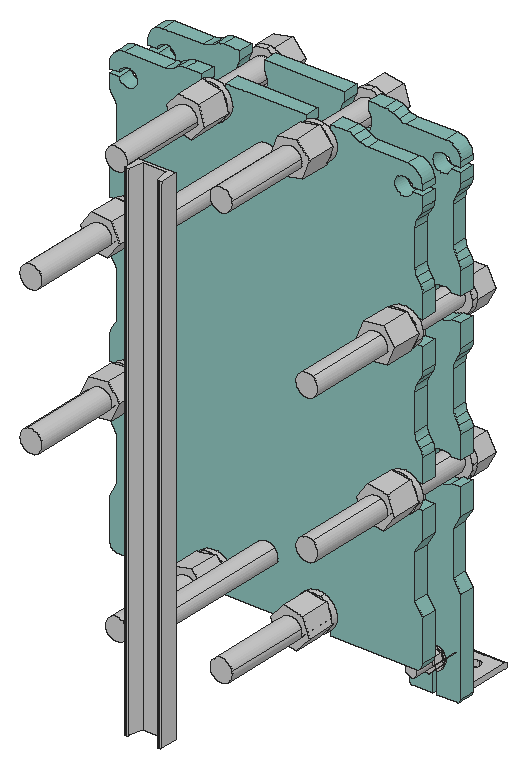
Revit family "Ekin_Endüstriyel - MIT510", category Specialty Equipment, Revit 2022
Family settings
  Round Connector Dimension = Use Diameter
  Part Type = Normal
  Work Plane-Based = No
  Always vertical = No
  Cut with Voids When Loaded = No
  Maintain Annotation Orientation = No
  Shared = No
  Room Calculation Point = No
Parameters (values of type "Flanged")
  URL = "https://en.ekinendustriyel.com/plate-heat-exchanger"
  Type Comments = ""
  Thickness_of_Plate [instance] = 0.50 mm  # constant formula
  Number_of_Plate [instance] = 10
  Model = if(Hygienic, if(Design Pressure < 11.0 bar, "H12340000F50L", if(Design Pressure < 16.0 bar, " H12340000F50M", " H12340000F50H")), if(Design Pressure < 10.0 bar, "E12340000F50L", if(Design Pressure < 16.0 bar, " E12340000F50M", " E12340000F50H")))  # "H12340000F50L"
  Material = Galvanized Steel- S235JR
  Manufacturer = "Ekin Endüstriyel"
  Lk [instance] = (Number_of_Plate) * ((Thickness_of_Plate) + 4.00 mm)  # 45.00 mm
  Lh [instance] = 690.00 mm  # constant formula
  Lf [instance] = 623.00 mm  # constant formula
  Lc [instance] = if(Number_of_Plate < 16, 250.00 mm, if(Number_of_Plate < 26, 350.00 mm, if(Number_of_Plate < 41, 500.00 mm, if(Number_of_Plate < 71, 750.00 mm, 1000.00 mm))))  # 250.00 mm
  La [instance] = 425.00 mm  # constant formula
  Keynote = ""
  Industrial [instance] = not(Hygienic)  # no
  Hygienic = yes
  Head & Follower Plate [instance] = if(Design Pressure < 11.0 bar, 20.00 mm, if(Design Pressure < 17.0 bar, 25.00 mm, 30.00 mm))  # 20.00 mm
  Follower Plate [instance] = -(Head & Follower Plate)  # -20.00 mm
  Design Pressure = 6.89476 bar
  Description = if(Design Pressure < 10.0663 bar, "MIT - Heat Exchanger - 10 bar", if(Design Pressure < 15.9958 bar, " MIT - Heat Exchanger - 16 bar", " MIT - Heat Exchanger - 25 bar"))  # "MIT - Heat Exchanger - 10 bar"
  Default Elevation = 0.00 mm
Reference planes
  plane 1 "Center (Front/Back)": y = 0
  plane 2: z = 0
  plane 3 "Center (Left/Right)": x = 0
  plane 4: x = 1160
  plane 5: x = -1000
  plane 6 "2": y = -65
  plane 7 "1": y = -20
  plane 8 "3": y = -270
  plane 9 "Bolt End": y = 18.7
  plane 10: y = -250
Forms (mm)
  Extrusion 1, solid, material "Galvanized Steel", detail levels fine
    sketch origin (4.063, 0, 0) x (1, 0, 0) y (0, 0, 1)
      loop
        circle (97.437, 570) r 30
      loop
        line (105.578, 690) -> (83.437, 690) -> (83.437, 677.99)
        arc (83.437, 677.99) -> (66.937, 644) -> (50.437, 677.99) r 21
        line (50.437, 677.99) -> (50.437, 690) -> (-58.563, 690) -> (-58.563, 677.99)
        arc (-58.563, 677.99) -> (-75.063, 644) -> (-91.563, 677.99) r 21
        line (-91.563, 677.99) -> (-91.563, 690) -> (-113.704, 690)
        arc (-113.704, 690) -> (-118.88, 689.319) -> (-123.704, 687.321) r 20
        line (-123.704, 687.321) -> (-131.743, 682.679)
        arc (-131.743, 682.679) -> (-136.566, 680.681) -> (-141.743, 680) r 20
        line (-141.743, 680) -> (-196.563, 680)
        arc (-196.563, 680) -> (-210.705, 674.142) -> (-216.563, 660) r 20
        line (-216.563, 660) -> (-216.563, 653) -> (-203.698, 653)
        arc (-203.698, 653) -> (-179.063, 650) -> (-203.698, 647) r 12.5
        line (-203.698, 647) -> (-216.563, 647) -> (-216.563, 632.679)
        arc (-216.563, 632.679) -> (-215.882, 627.503) -> (-213.884, 622.679) r 20
        line (-213.884, 622.679) -> (-209.243, 614.641)
        arc (-209.243, 614.641) -> (-207.245, 609.817) -> (-206.563, 604.641) r 20
        line (-206.563, 604.641) -> (-206.563, 555.359)
        arc (-206.563, 555.359) -> (-207.245, 550.183) -> (-209.243, 545.359) r 20
        line (-209.243, 545.359) -> (-213.884, 537.321)
        arc (-213.884, 537.321) -> (-215.882, 532.497) -> (-216.563, 527.321) r 20
        line (-216.563, 527.321) -> (-216.563, 496.5) -> (-204.553, 496.5)
        arc (-204.553, 496.5) -> (-170.563, 480) -> (-204.553, 463.5) r 21
        line (-204.553, 463.5) -> (-216.563, 463.5) -> (-216.563, 432.679)
        arc (-216.563, 432.679) -> (-215.882, 427.503) -> (-213.884, 422.679) r 20
        line (-213.884, 422.679) -> (-209.243, 414.641)
        arc (-209.243, 414.641) -> (-207.245, 409.817) -> (-206.563, 404.641) r 20
        line (-206.563, 404.641) -> (-206.563, 355.359)
        arc (-206.563, 355.359) -> (-207.245, 350.183) -> (-209.243, 345.359) r 20
        line (-209.243, 345.359) -> (-213.884, 337.321)
        arc (-213.884, 337.321) -> (-215.882, 332.497) -> (-216.563, 327.321) r 20
        line (-216.563, 327.321) -> (-216.563, 296.5) -> (-204.553, 296.5)
        arc (-204.553, 296.5) -> (-170.563, 280) -> (-204.553, 263.5) r 21
        line (-204.553, 263.5) -> (-216.563, 263.5) -> (-216.563, 227.321) -> (-206.563, 210) -> (-206.563, 150) -> (-216.563, 132.679) -> (-216.563, 5)
        arc (-216.563, 5) -> (-215.099, 1.464) -> (-211.563, 0) r 5
        line (-211.563, 0) -> (-184.563, 0) -> (-184.563, 34.938)
        arc (-184.563, 34.938) -> (-181.563, 55.5) -> (-178.563, 34.938) r 10.5
        line (-178.563, 34.938) -> (-178.563, 0) -> (-151.563, 0)
        arc (-151.563, 0) -> (-148.027, 1.464) -> (-146.563, 5) r 5
        line (-146.563, 5) -> (-146.563, 25.716)
        arc (-146.563, 25.716) -> (-145.041, 33.369) -> (-140.705, 39.858) r 20
        line (-140.705, 39.858) -> (-119.421, 61.142)
        arc (-119.421, 61.142) -> (-112.932, 65.478) -> (-105.279, 67) r 20
        line (-105.279, 67) -> (-91.563, 67) -> (-91.563, 79.01)
        arc (-91.563, 79.01) -> (-75.063, 113) -> (-58.563, 79.01) r 21
        line (-58.563, 79.01) -> (-58.563, 67) -> (50.437, 67) -> (50.437, 79.01)
        arc (50.437, 79.01) -> (66.937, 113) -> (83.437, 79.01) r 21
        line (83.437, 79.01) -> (83.437, 67) -> (97.153, 67)
        arc (97.153, 67) -> (104.806, 65.478) -> (111.295, 61.142) r 20
        line (111.295, 61.142) -> (132.579, 39.858)
        arc (132.579, 39.858) -> (136.915, 33.369) -> (138.437, 25.716) r 20
        line (138.437, 25.716) -> (138.437, 5)
        arc (138.437, 5) -> (139.901, 1.464) -> (143.437, 0) r 5
        line (143.437, 0) -> (170.437, 0) -> (170.437, 34.938)
        arc (170.437, 34.938) -> (173.437, 55.5) -> (176.437, 34.938) r 10.5
        line (176.437, 34.938) -> (176.437, 0) -> (203.437, 0)
        arc (203.437, 0) -> (206.973, 1.464) -> (208.437, 5) r 5
        line (208.437, 5) -> (208.437, 132.679) -> (198.437, 150) -> (198.437, 210) -> (208.437, 227.321) -> (208.437, 263.5) -> (196.427, 263.5)
        arc (196.427, 263.5) -> (162.437, 280) -> (196.427, 296.5) r 21
        line (196.427, 296.5) -> (208.437, 296.5) -> (208.437, 327.321)
        arc (208.437, 327.321) -> (207.755, 332.497) -> (205.757, 337.321) r 20
        line (205.757, 337.321) -> (201.116, 345.359)
        arc (201.116, 345.359) -> (199.118, 350.183) -> (198.437, 355.359) r 20
        line (198.437, 355.359) -> (198.437, 404.641)
        arc (198.437, 404.641) -> (199.118, 409.817) -> (201.116, 414.641) r 20
        line (201.116, 414.641) -> (205.757, 422.679)
        arc (205.757, 422.679) -> (207.755, 427.503) -> (208.437, 432.679) r 20
        line (208.437, 432.679) -> (208.437, 463.5) -> (196.427, 463.5)
        arc (196.427, 463.5) -> (162.437, 480) -> (196.427, 496.5) r 21
        line (196.427, 496.5) -> (208.437, 496.5) -> (208.437, 527.321)
        arc (208.437, 527.321) -> (207.755, 532.497) -> (205.757, 537.321) r 20
        line (205.757, 537.321) -> (201.116, 545.359)
        arc (201.116, 545.359) -> (199.118, 550.183) -> (198.437, 555.359) r 20
        line (198.437, 555.359) -> (198.437, 604.641)
        arc (198.437, 604.641) -> (199.118, 609.817) -> (201.116, 614.641) r 20
        line (201.116, 614.641) -> (205.757, 622.679)
        arc (205.757, 622.679) -> (207.755, 627.503) -> (208.437, 632.679) r 20
        line (208.437, 632.679) -> (208.437, 647) -> (195.572, 647)
        arc (195.572, 647) -> (170.937, 650) -> (195.572, 653) r 12.5
        line (195.572, 653) -> (208.437, 653) -> (208.437, 660)
        arc (208.437, 660) -> (202.579, 674.142) -> (188.437, 680) r 20
        line (188.437, 680) -> (133.616, 680)
        arc (133.616, 680) -> (128.44, 680.681) -> (123.616, 682.679) r 20
        line (123.616, 682.679) -> (115.578, 687.321)
        arc (115.578, 687.321) -> (110.754, 689.319) -> (105.578, 690) r 20
      loop
        circle (55.437, 612) r 9.5
      loop
        circle (139.437, 612) r 9.5
      loop
        circle (55.437, 528) r 9.5
      loop
        circle (139.437, 528) r 9.5
      loop
        circle (97.437, 190) r 30
      loop
        circle (55.437, 232) r 9.5
      loop
        circle (139.437, 232) r 9.5
      loop
        circle (55.437, 148) r 9.5
      loop
        circle (139.437, 148) r 9.5
      loop
        circle (-105.563, 570) r 30
      loop
        circle (-63.563, 612) r 9.5
      loop
        circle (-147.563, 612) r 9.5
      loop
        circle (-63.563, 528) r 9.5
      loop
        circle (-147.563, 528) r 9.5
      loop
        circle (-105.563, 190) r 30
      loop
        circle (-63.563, 232) r 9.5
      loop
        circle (-147.563, 232) r 9.5
      loop
        circle (-63.563, 148) r 9.5
      loop
        circle (-147.563, 148) r 9.5
      loop
        circle (-4.063, 622.5) r 6.25
      loop
        circle (-4.063, 137.5) r 6.25
    from 0 to 20
  Extrusion 2, solid, material "Galvanized Steel", detail levels fine
    sketch origin (4.063, -65, 0) x (-1, 0, 0) y (0, 0, 1)
      loop
        arc (-105.578, 690) -> (-110.754, 689.319) -> (-115.578, 687.321) r 20
        line (-115.578, 687.321) -> (-123.616, 682.679)
        arc (-123.616, 682.679) -> (-128.44, 680.681) -> (-133.616, 680) r 20
        line (-133.616, 680) -> (-188.437, 680)
        arc (-188.437, 680) -> (-202.579, 674.142) -> (-208.437, 660) r 20
        line (-208.437, 660) -> (-208.437, 653) -> (-195.572, 653)
        arc (-195.572, 653) -> (-170.937, 650) -> (-195.572, 647) r 12.5
        line (-195.572, 647) -> (-208.437, 647) -> (-208.437, 632.679)
        arc (-208.437, 632.679) -> (-207.755, 627.503) -> (-205.757, 622.679) r 20
        line (-205.757, 622.679) -> (-201.116, 614.641)
        arc (-201.116, 614.641) -> (-199.118, 609.817) -> (-198.437, 604.641) r 20
        line (-198.437, 604.641) -> (-198.437, 555.359)
        arc (-198.437, 555.359) -> (-199.118, 550.183) -> (-201.116, 545.359) r 20
        line (-201.116, 545.359) -> (-205.757, 537.321)
        arc (-205.757, 537.321) -> (-207.755, 532.497) -> (-208.437, 527.321) r 20
        line (-208.437, 527.321) -> (-208.437, 496.5) -> (-196.427, 496.5)
        arc (-196.427, 496.5) -> (-162.437, 480) -> (-196.427, 463.5) r 21
        line (-196.427, 463.5) -> (-208.437, 463.5) -> (-208.437, 432.679)
        arc (-208.437, 432.679) -> (-207.755, 427.503) -> (-205.757, 422.679) r 20
        line (-205.757, 422.679) -> (-201.116, 414.641)
        arc (-201.116, 414.641) -> (-199.118, 409.817) -> (-198.437, 404.641) r 20
        line (-198.437, 404.641) -> (-198.437, 355.359)
        arc (-198.437, 355.359) -> (-199.118, 350.183) -> (-201.116, 345.359) r 20
        line (-201.116, 345.359) -> (-205.757, 337.321)
        arc (-205.757, 337.321) -> (-207.755, 332.497) -> (-208.437, 327.321) r 20
        line (-208.437, 327.321) -> (-208.437, 296.5) -> (-196.427, 296.5)
        arc (-196.427, 296.5) -> (-162.437, 280) -> (-196.427, 263.5) r 21
        line (-196.427, 263.5) -> (-208.437, 263.5) -> (-208.437, 227.321) -> (-198.437, 210) -> (-198.437, 150) -> (-208.437, 132.679) -> (-208.437, 77)
        arc (-208.437, 77) -> (-205.508, 69.929) -> (-198.437, 67) r 10
        line (-198.437, 67) -> (-83.437, 67) -> (-83.437, 79.01)
        arc (-83.437, 79.01) -> (-66.937, 113) -> (-50.437, 79.01) r 21
        line (-50.437, 79.01) -> (-50.437, 67) -> (58.563, 67) -> (58.563, 79.01)
        arc (58.563, 79.01) -> (75.063, 113) -> (91.563, 79.01) r 21
        line (91.563, 79.01) -> (91.563, 67) -> (206.563, 67)
        arc (206.563, 67) -> (213.634, 69.929) -> (216.563, 77) r 10
        line (216.563, 77) -> (216.563, 132.679) -> (206.563, 150) -> (206.563, 210) -> (216.563, 227.321) -> (216.563, 263.5) -> (204.553, 263.5)
        arc (204.553, 263.5) -> (170.563, 280) -> (204.553, 296.5) r 21
        line (204.553, 296.5) -> (216.563, 296.5) -> (216.563, 327.321)
        arc (216.563, 327.321) -> (215.882, 332.497) -> (213.884, 337.321) r 20
        line (213.884, 337.321) -> (209.243, 345.359)
        arc (209.243, 345.359) -> (207.245, 350.183) -> (206.563, 355.359) r 20
        line (206.563, 355.359) -> (206.563, 404.641)
        arc (206.563, 404.641) -> (207.245, 409.817) -> (209.243, 414.641) r 20
        line (209.243, 414.641) -> (213.884, 422.679)
        arc (213.884, 422.679) -> (215.882, 427.503) -> (216.563, 432.679) r 20
        line (216.563, 432.679) -> (216.563, 463.5) -> (204.553, 463.5)
        arc (204.553, 463.5) -> (170.563, 480) -> (204.553, 496.5) r 21
        line (204.553, 496.5) -> (216.563, 496.5) -> (216.563, 527.321)
        arc (216.563, 527.321) -> (215.882, 532.497) -> (213.884, 537.321) r 20
        line (213.884, 537.321) -> (209.243, 545.359)
        arc (209.243, 545.359) -> (207.245, 550.183) -> (206.563, 555.359) r 20
        line (206.563, 555.359) -> (206.563, 604.641)
        arc (206.563, 604.641) -> (207.245, 609.817) -> (209.243, 614.641) r 20
        line (209.243, 614.641) -> (213.884, 622.679)
        arc (213.884, 622.679) -> (215.882, 627.503) -> (216.563, 632.679) r 20
        line (216.563, 632.679) -> (216.563, 647) -> (203.698, 647)
        arc (203.698, 647) -> (179.063, 650) -> (203.698, 653) r 12.5
        line (203.698, 653) -> (216.563, 653) -> (216.563, 660)
        arc (216.563, 660) -> (210.705, 674.142) -> (196.563, 680) r 20
        line (196.563, 680) -> (141.743, 680)
        arc (141.743, 680) -> (136.566, 680.681) -> (131.743, 682.679) r 20
        line (131.743, 682.679) -> (123.704, 687.321)
        arc (123.704, 687.321) -> (118.88, 689.319) -> (113.704, 690) r 20
        line (113.704, 690) -> (91.563, 690) -> (91.563, 677.99)
        arc (91.563, 677.99) -> (75.063, 644) -> (58.563, 677.99) r 21
        line (58.563, 677.99) -> (58.563, 690) -> (-50.437, 690) -> (-50.437, 677.99)
        arc (-50.437, 677.99) -> (-66.937, 644) -> (-83.437, 677.99) r 21
        line (-83.437, 677.99) -> (-83.437, 690) -> (-105.578, 690)
      loop
        circle (4.063, 622.5) r 15
      loop
        circle (4.063, 137.5) r 15
    from 0 to -20 <- "Follower Plate"
  Extrusion 3, solid, material "AISI 316L/Titanium/Hastelloy", detail levels fine
    sketch origin (0, -20, 0) x (-1, 0, 0) y (0, 0, 1)
      loop
        arc (163.5, 585.5) -> (148.855, 620.855) -> (113.5, 635.5) r 50
        line (113.5, 635.5) -> (15, 635.5) -> (15, 623.5)
        arc (15, 623.5) -> (0, 608.5) -> (-15, 623.5) r 15
        line (-15, 623.5) -> (-15, 635.5) -> (-113.5, 635.5)
        arc (-113.5, 635.5) -> (-148.855, 620.855) -> (-163.5, 585.5) r 50
        line (-163.5, 585.5) -> (-163.5, 174.5)
        arc (-163.5, 174.5) -> (-148.855, 139.145) -> (-113.5, 124.5) r 50
        line (-113.5, 124.5) -> (-15, 124.5) -> (-15, 136.5)
        arc (-15, 136.5) -> (0, 151.5) -> (15, 136.5) r 15
        line (15, 136.5) -> (15, 124.5) -> (113.5, 124.5)
        arc (113.5, 124.5) -> (148.855, 139.145) -> (163.5, 174.5) r 50
        line (163.5, 174.5) -> (163.5, 585.5)
      loop
        circle (101.5, 570) r 34.75
      loop
        circle (-101.5, 570) r 34.75
      loop
        circle (101.5, 190) r 34.75
      loop
        circle (-101.5, 190) r 34.75
    from 0 to -45
  Extrusion 4, solid, material "Galvanized Steel- S235JR", detail levels fine
    sketch origin (0, 0, 0) x (1, 0, 0) y (0, 0, 1)
      loop
        circle (0, 622.5) r 15
      loop
        circle (0, 137.5) r 15
    from 20 to 270
  Extrusion 5, solid, material "Galvanized Steel- S235JR", detail levels fine
    sketch origin (0, 0, 0) x (1, 0, 0) y (0, 0, 1)
      loop
        circle (71, 665) r 15
      loop
        circle (187.5, 480) r 15
      loop
        circle (187.5, 280) r 15
      loop
        circle (71, 92) r 15
      loop
        circle (-71, 665) r 15
      loop
        circle (-187.5, 480) r 15
      loop
        circle (-187.5, 280) r 15
      loop
        circle (-71, 92) r 15
    from 0 to 250
  Extrusion 6, solid, material "Galvanized Steel- S235JR", detail levels fine
    sketch origin (0, 0, 0) x (1, 0, 0) y (0, 0, 1)
      loop
        circle (71, 665) r 25
      loop
        circle (187.5, 480) r 25
      loop
        circle (187.5, 280) r 25
      loop
        circle (71, 92) r 25
      loop
        circle (-71, 665) r 25
      loop
        circle (-187.5, 480) r 25
      loop
        circle (-187.5, 280) r 25
      loop
        circle (-71, 92) r 25
    from 0 to -8
  Extrusion 7, solid, material "Galvanized Steel- S235JR", detail levels fine
    sketch origin (4.063, -85, 0) x (1, 0, 0) y (0, 0, 1)
      loop
        line (93.044, 669.875) -> (75.768, 690.047) -> (49.661, 685.171) -> (40.83, 660.124) -> (58.106, 639.953) -> (84.213, 644.828) -> (93.044, 669.875)
      loop
        line (167.602, 501.321) -> (157.055, 476.947) -> (172.89, 455.626) -> (199.272, 458.679) -> (209.819, 483.053) -> (193.984, 504.374) -> (167.602, 501.321)
      loop
        line (-101.17, 669.875) -> (-92.339, 644.828) -> (-66.232, 639.953) -> (-48.956, 660.124) -> (-57.787, 685.171) -> (-83.894, 690.047) -> (-101.17, 669.875)
      loop
        line (-175.728, 501.321) -> (-202.11, 504.374) -> (-217.945, 483.053) -> (-207.398, 458.679) -> (-181.016, 455.626) -> (-165.181, 476.947) -> (-175.728, 501.321)
      loop
        line (93.044, 87.117) -> (84.213, 112.164) -> (58.106, 117.04) -> (40.83, 96.868) -> (49.661, 71.821) -> (75.768, 66.946) -> (93.044, 87.117)
      loop
        line (167.602, 258.679) -> (193.984, 255.626) -> (209.819, 276.947) -> (199.272, 301.321) -> (172.89, 304.374) -> (157.055, 283.053) -> (167.602, 258.679)
      loop
        line (-101.17, 87.117) -> (-83.894, 66.946) -> (-57.787, 71.821) -> (-48.956, 96.868) -> (-66.232, 117.04) -> (-92.339, 112.164) -> (-101.17, 87.117)
      loop
        line (-175.728, 258.679) -> (-165.181, 283.053) -> (-181.016, 304.374) -> (-207.398, 301.321) -> (-217.945, 276.947) -> (-202.11, 255.626) -> (-175.728, 258.679)
    from 8 to 48.1
  Extrusion 8, solid, material "Galvanized Steel- S235JR", detail levels fine
    sketch origin (4.063, -85, 0) x (1, 0, 0) y (0, 0, 1)
      loop
        circle (183.437, 480) r 25
      loop
        circle (183.437, 280) r 25
      loop
        circle (66.937, 92) r 25
      loop
        circle (66.937, 665) r 25
      loop
        circle (-191.563, 480) r 25
      loop
        circle (-191.563, 280) r 25
      loop
        circle (-75.063, 92) r 25
      loop
        circle (-75.063, 665) r 25
    from 8 to 0
  Extrusion 9, solid, material "Galvanized Steel- S235JR", detail levels fine
    sketch origin (0, 0, 0) x (1, 0, 0) y (0, 0, 1)
      loop
        line (213.77, 279.99) -> (200.644, 302.745) -> (174.375, 302.755) -> (161.231, 280.01) -> (174.357, 257.255) -> (200.626, 257.245) -> (213.77, 279.99)
      loop
        line (88.038, 72.005) -> (96.835, 96.758) -> (79.797, 116.752) -> (53.962, 111.994) -> (45.165, 87.241) -> (62.203, 67.247) -> (88.038, 72.005)
      loop
        line (213.77, 480.01) -> (200.626, 502.755) -> (174.357, 502.745) -> (161.231, 479.99) -> (174.375, 457.245) -> (200.644, 457.255) -> (213.77, 480.01)
      loop
        line (88.038, 684.87) -> (62.203, 689.628) -> (45.165, 669.634) -> (53.962, 644.881) -> (79.797, 640.123) -> (96.835, 660.117) -> (88.038, 684.87)
      loop
        line (-213.77, 279.99) -> (-200.626, 257.245) -> (-174.357, 257.255) -> (-161.231, 280.01) -> (-174.375, 302.755) -> (-200.644, 302.745) -> (-213.77, 279.99)
      loop
        line (-88.038, 72.005) -> (-62.203, 67.247) -> (-45.165, 87.241) -> (-53.962, 111.994) -> (-79.797, 116.752) -> (-96.835, 96.758) -> (-88.038, 72.005)
      loop
        line (-213.77, 480.01) -> (-200.644, 457.255) -> (-174.375, 457.245) -> (-161.231, 479.99) -> (-174.357, 502.745) -> (-200.626, 502.755) -> (-213.77, 480.01)
      loop
        line (-88.038, 684.87) -> (-96.835, 660.117) -> (-79.797, 640.123) -> (-53.962, 644.881) -> (-45.165, 669.634) -> (-62.203, 689.628) -> (-88.038, 684.87)
    from -38.6 to -8
  Extrusion 10, solid, material "Galvanized Steel- S235JR", detail levels fine
    sketch origin (0, 0, 0) x (1, 0, 0) y (0, 0, 1)
      loop
        line (-190.684, 49.263) -> (-187.784, 35.713) -> (-174.599, 31.451) -> (-164.316, 40.737) -> (-167.216, 54.287) -> (-180.401, 58.549) -> (-190.684, 49.263)
      loop
        line (164.316, 49.263) -> (167.216, 35.713) -> (180.401, 31.451) -> (190.684, 40.737) -> (187.784, 54.287) -> (174.599, 58.549) -> (164.316, 49.263)
    from -10 to -20
  Extrusion 11, solid, material "Galvanized Steel- S235JR", detail levels fine
    sketch origin (0, 0, 0) x (1, 0, 0) y (0, 0, 1)
      loop
        circle (177.5, 45) r 15
      loop
        circle (-177.5, 45) r 15
    from -10 to -7.5
  Extrusion 12, solid, material "Galvanized Steel- S235JR", detail levels fine
    sketch origin (0, 0, 0) x (1, 0, 0) y (0, 0, 1)
      loop
        circle (177.5, 45) r 7.9
      loop
        circle (-177.5, 45) r 7.9
    from 60 to -7.5
  Extrusion 13, solid, material "Galvanized Steel- S235JR", detail levels fine
    sketch origin (0, 0, 0) x (1, 0, 0) y (0, 0, 1)
      loop
        circle (177.5, 45) r 15
      loop
        circle (-177.5, 45) r 15
    from 20 to 22.5
  Extrusion 14, solid, material "Galvanized Steel- S235JR", detail levels fine
    sketch origin (0, 0, 0) x (1, 0, 0) y (0, 0, 1)
      loop
        line (-190.684, 49.263) -> (-187.784, 35.713) -> (-174.599, 31.451) -> (-164.316, 40.737) -> (-167.216, 54.287) -> (-180.401, 58.549) -> (-190.684, 49.263)
      loop
        line (164.316, 49.263) -> (167.216, 35.713) -> (180.401, 31.451) -> (190.684, 40.737) -> (187.784, 54.287) -> (174.599, 58.549) -> (164.316, 49.263)
    from 35.081 to 22.5
  Extrusion 15, solid, material "Galvanized Steel- S235JR", detail levels fine
    sketch origin (0, 0, 0) x (1, 0, 0) y (0, 0, 1)
      loop
        line (147, 627.5) -> (56, 627.5) -> (44, 615.5) -> (44, 524.5) -> (56, 512.5) -> (147, 512.5) -> (159, 524.5) -> (159, 615.5) -> (147, 627.5)
      loop
        circle (101.5, 570) r 31.5
      loop
        circle (143.5, 612) r 7
      loop
        circle (59.5, 612) r 7
      loop
        circle (59.5, 528) r 7
      loop
        circle (143.5, 528) r 7
      loop
        line (147, 132.5) -> (159, 144.5) -> (159, 235.5) -> (147, 247.5) -> (56, 247.5) -> (44, 235.5) -> (44, 144.5) -> (56, 132.5) -> (147, 132.5)
      loop
        circle (101.5, 190) r 31.5
      loop
        circle (143.5, 148) r 7
      loop
        circle (59.5, 148) r 7
      loop
        circle (59.5, 232) r 7
      loop
        circle (143.5, 232) r 7
      loop
        line (-147, 627.5) -> (-159, 615.5) -> (-159, 524.5) -> (-147, 512.5) -> (-56, 512.5) -> (-44, 524.5) -> (-44, 615.5) -> (-56, 627.5) -> (-147, 627.5)
      loop
        circle (-101.5, 570) r 31.5
      loop
        circle (-143.5, 612) r 7
      loop
        circle (-59.5, 612) r 7
      loop
        circle (-59.5, 528) r 7
      loop
        circle (-143.5, 528) r 7
      loop
        line (-147, 132.5) -> (-56, 132.5) -> (-44, 144.5) -> (-44, 235.5) -> (-56, 247.5) -> (-147, 247.5) -> (-159, 235.5) -> (-159, 144.5) -> (-147, 132.5)
      loop
        circle (-101.5, 190) r 31.5
      loop
        circle (-143.5, 148) r 7
      loop
        circle (-59.5, 148) r 7
      loop
        circle (-59.5, 232) r 7
      loop
        circle (-143.5, 232) r 7
    from 0 to -15
  Extrusion 16, solid, material "Galvanized Steel- S235JR", detail levels fine
    sketch origin (0, 0, 0) x (1, 0, 0) y (0, 0, 1)
      loop
        circle (143.5, 612) r 15
      loop
        circle (59.5, 612) r 15
      loop
        circle (59.5, 528) r 15
      loop
        circle (143.5, 528) r 15
      loop
        circle (-59.5, 612) r 15
      loop
        circle (-143.5, 612) r 15
      loop
        circle (-143.5, 528) r 15
      loop
        circle (-59.5, 528) r 15
      loop
        circle (143.5, 148) r 15
      loop
        circle (59.5, 148) r 15
      loop
        circle (59.5, 232) r 15
      loop
        circle (143.5, 232) r 15
      loop
        circle (-59.5, 148) r 15
      loop
        circle (-143.5, 148) r 15
      loop
        circle (-143.5, 232) r 15
      loop
        circle (-59.5, 232) r 15
    from -18 to -15
  Extrusion 17, solid, material "Galvanized Steel- S235JR", detail levels fine
    sketch origin (0, 0, 0) x (1, 0, 0) y (0, 0, 1)
      loop
        line (148.036, 625.702) -> (133.901, 622.78) -> (129.365, 609.077) -> (138.964, 598.298) -> (153.099, 601.22) -> (157.635, 614.923) -> (148.036, 625.702)
      loop
        line (54.964, 625.702) -> (45.365, 614.923) -> (49.901, 601.22) -> (64.036, 598.298) -> (73.635, 609.077) -> (69.099, 622.78) -> (54.964, 625.702)
      loop
        line (148.036, 514.298) -> (157.635, 525.077) -> (153.099, 538.78) -> (138.964, 541.702) -> (129.365, 530.923) -> (133.901, 517.22) -> (148.036, 514.298)
      loop
        line (54.964, 514.298) -> (69.099, 517.22) -> (73.635, 530.923) -> (64.036, 541.702) -> (49.901, 538.78) -> (45.365, 525.077) -> (54.964, 514.298)
      loop
        line (148.036, 134.298) -> (157.635, 145.077) -> (153.099, 158.78) -> (138.964, 161.702) -> (129.365, 150.923) -> (133.901, 137.22) -> (148.036, 134.298)
      loop
        line (54.964, 134.298) -> (69.099, 137.22) -> (73.635, 150.923) -> (64.036, 161.702) -> (49.901, 158.78) -> (45.365, 145.077) -> (54.964, 134.298)
      loop
        line (148.036, 245.702) -> (133.901, 242.78) -> (129.365, 229.077) -> (138.964, 218.298) -> (153.099, 221.22) -> (157.635, 234.923) -> (148.036, 245.702)
      loop
        line (54.964, 245.702) -> (45.365, 234.923) -> (49.901, 221.22) -> (64.036, 218.298) -> (73.635, 229.077) -> (69.099, 242.78) -> (54.964, 245.702)
      loop
        line (-148.036, 625.702) -> (-157.635, 614.923) -> (-153.099, 601.22) -> (-138.964, 598.298) -> (-129.365, 609.077) -> (-133.901, 622.78) -> (-148.036, 625.702)
      loop
        line (-54.964, 625.702) -> (-69.099, 622.78) -> (-73.635, 609.077) -> (-64.036, 598.298) -> (-49.901, 601.22) -> (-45.365, 614.923) -> (-54.964, 625.702)
      loop
        line (-148.036, 514.298) -> (-133.901, 517.22) -> (-129.365, 530.923) -> (-138.964, 541.702) -> (-153.099, 538.78) -> (-157.635, 525.077) -> (-148.036, 514.298)
      loop
        line (-54.964, 514.298) -> (-45.365, 525.077) -> (-49.901, 538.78) -> (-64.036, 541.702) -> (-73.635, 530.923) -> (-69.099, 517.22) -> (-54.964, 514.298)
      loop
        line (-148.036, 134.298) -> (-133.901, 137.22) -> (-129.365, 150.923) -> (-138.964, 161.702) -> (-153.099, 158.78) -> (-157.635, 145.077) -> (-148.036, 134.298)
      loop
        line (-54.964, 134.298) -> (-45.365, 145.077) -> (-49.901, 158.78) -> (-64.036, 161.702) -> (-73.635, 150.923) -> (-69.099, 137.22) -> (-54.964, 134.298)
      loop
        line (-148.036, 245.702) -> (-157.635, 234.923) -> (-153.099, 221.22) -> (-138.964, 218.298) -> (-129.365, 229.077) -> (-133.901, 242.78) -> (-148.036, 245.702)
      loop
        line (-54.964, 245.702) -> (-69.099, 242.78) -> (-73.635, 229.077) -> (-64.036, 218.298) -> (-49.901, 221.22) -> (-45.365, 234.923) -> (-54.964, 245.702)
    from -18 to -28
  Extrusion 18, solid, material "Galvanized Steel- S235JR", detail levels fine
    sketch origin (0, 0, 0) x (1, 0, 0) y (0, 0, 1)
      loop
        circle (0, 622.348) r 9
      loop
        circle (0, 137.652) r 9
    from 0 to -12
  Extrusion 19, solid, material "Galvanized Steel- S235JR", detail levels fine
    sketch origin (0, 0, 0) x (1, 0, 0) y (0, 1, 0)
      loop
        line (-25, -270) -> (-25, -293)
        arc (-25, -293) -> (-24.414, -294.414) -> (-23, -295) r 2
        line (-23, -295) -> (-21.584, -295)
        arc (-21.584, -295) -> (-20.342, -294.568) -> (-19.637, -293.458) r 2
        line (-19.637, -293.458) -> (-15.292, -275) -> (15.292, -275) -> (19.637, -293.458)
        arc (19.637, -293.458) -> (20.342, -294.568) -> (21.584, -295) r 2
        line (21.584, -295) -> (23, -295)
        arc (23, -295) -> (24.414, -294.414) -> (25, -293) r 2
        line (25, -293) -> (25, -270) -> (-25, -270)
    from 0 to 690
  Extrusion 20, solid, material "Galvanized Steel", detail levels medium
    sketch origin (4.063, 0, 0) x (1, 0, 0) y (0, 0, 1)
      loop
        circle (97.437, 570) r 30
      loop
        line (110.937, 690) -> (-119.063, 690) -> (-136.384, 680) -> (-196.563, 680)
        arc (-196.563, 680) -> (-210.705, 674.142) -> (-216.563, 660) r 20
        line (-216.563, 660) -> (-216.563, 5)
        arc (-216.563, 5) -> (-215.099, 1.464) -> (-211.563, 0) r 5
        line (-211.563, 0) -> (-151.563, 0)
        arc (-151.563, 0) -> (-148.027, 1.464) -> (-146.563, 5) r 5
        line (-146.563, 5) -> (-146.563, 34) -> (-113.563, 67) -> (105.437, 67) -> (138.437, 34) -> (138.437, 5)
        arc (138.437, 5) -> (139.901, 1.464) -> (143.437, 0) r 5
        line (143.437, 0) -> (203.437, 0)
        arc (203.437, 0) -> (206.973, 1.464) -> (208.437, 5) r 5
        line (208.437, 5) -> (208.437, 660)
        arc (208.437, 660) -> (202.579, 674.142) -> (188.437, 680) r 20
        line (188.437, 680) -> (128.257, 680) -> (110.937, 690)
      loop
        circle (97.437, 190) r 30
      loop
        circle (183.437, 480) r 15
      loop
        circle (183.437, 280) r 15
      loop
        circle (66.937, 92) r 15
      loop
        circle (66.937, 665) r 15
      loop
        circle (-105.563, 570) r 30
      loop
        circle (-105.563, 190) r 30
      loop
        circle (-191.563, 480) r 15
      loop
        circle (-191.563, 280) r 15
      loop
        circle (-75.063, 92) r 15
      loop
        circle (-75.063, 665) r 15
    from 0 to 20
  Extrusion 21, solid, material "Galvanized Steel", detail levels medium
    sketch origin (4.063, -65, 0) x (-1, 0, 0) y (0, 0, 1)
      loop
        line (-110.937, 690) -> (-128.257, 680) -> (-188.437, 680)
        arc (-188.437, 680) -> (-202.579, 674.142) -> (-208.437, 660) r 20
        line (-208.437, 660) -> (-208.437, 87)
        arc (-208.437, 87) -> (-202.579, 72.858) -> (-188.437, 67) r 20
        line (-188.437, 67) -> (196.563, 67)
        arc (196.563, 67) -> (210.705, 72.858) -> (216.563, 87) r 20
        line (216.563, 87) -> (216.563, 660)
        arc (216.563, 660) -> (210.705, 674.142) -> (196.563, 680) r 20
        line (196.563, 680) -> (136.384, 680) -> (119.063, 690) -> (-110.937, 690)
      loop
        circle (4.063, 137.5) r 6.25
      loop
        circle (-183.437, 480) r 15
      loop
        circle (-183.437, 280) r 15
      loop
        circle (-66.937, 92) r 15
      loop
        circle (-66.937, 665) r 15
      loop
        circle (4.063, 622.5) r 6.25
      loop
        circle (191.563, 480) r 15
      loop
        circle (191.563, 280) r 15
      loop
        circle (75.063, 92) r 15
      loop
        circle (75.063, 665) r 15
    from 0 to -20 <- "Follower Plate"
  Extrusion 22, solid, material "AISI 316L/Titanium/Hastelloy", detail levels medium
    sketch origin (0, -20, 0) x (-1, 0, 0) y (0, 0, 1)
      loop
        line (113.5, 635.5) -> (15, 635.5) -> (15, 623.5)
        arc (15, 623.5) -> (0, 608.5) -> (-15, 623.5) r 15
        line (-15, 623.5) -> (-15, 635.5) -> (-113.5, 635.5) -> (-163.5, 585.5) -> (-163.5, 174.5) -> (-113.5, 124.5) -> (-15, 124.5) -> (-15, 136.5)
        arc (-15, 136.5) -> (0, 151.5) -> (15, 136.5) r 15
        line (15, 136.5) -> (15, 124.5) -> (113.5, 124.5) -> (163.5, 174.5) -> (163.5, 585.5) -> (113.5, 635.5)
      loop
        circle (101.5, 570) r 34.75
      loop
        circle (-101.5, 570) r 34.75
      loop
        circle (101.5, 190) r 34.75
      loop
        circle (-101.5, 190) r 34.75
    from 0 to -45
  Extrusion 23, solid, material "Galvanized Steel- S235JR", detail levels medium
    sketch origin (0, 0, 0) x (1, 0, 0) y (0, 0, 1)
      loop
        circle (0, 622.5) r 15
      loop
        circle (0, 137.5) r 15
    from 20 to 270
  Extrusion 24, solid, material "Galvanized Steel- S235JR", detail levels medium
    sketch origin (0, 0, 0) x (1, 0, 0) y (0, 0, 1)
      loop
        circle (71, 665) r 15
      loop
        circle (187.5, 480) r 15
      loop
        circle (187.5, 280) r 15
      loop
        circle (71, 92) r 15
      loop
        circle (-71, 665) r 15
      loop
        circle (-187.5, 480) r 15
      loop
        circle (-187.5, 280) r 15
      loop
        circle (-71, 92) r 15
    from 0 to 250
  Extrusion 25, solid, material "Galvanized Steel- S235JR", detail levels medium
    sketch origin (0, 0, 0) x (1, 0, 0) y (0, 0, 1)
      loop
        line (213.77, 279.99) -> (200.644, 302.745) -> (174.375, 302.755) -> (161.231, 280.01) -> (174.357, 257.255) -> (200.626, 257.245) -> (213.77, 279.99)
      loop
        line (88.038, 72.005) -> (96.835, 96.758) -> (79.797, 116.752) -> (53.962, 111.994) -> (45.165, 87.241) -> (62.203, 67.247) -> (88.038, 72.005)
      loop
        line (213.77, 480.01) -> (200.626, 502.755) -> (174.357, 502.745) -> (161.231, 479.99) -> (174.375, 457.245) -> (200.644, 457.255) -> (213.77, 480.01)
      loop
        line (88.038, 684.87) -> (62.203, 689.628) -> (45.165, 669.634) -> (53.962, 644.881) -> (79.797, 640.123) -> (96.835, 660.117) -> (88.038, 684.87)
      loop
        line (-213.77, 279.99) -> (-200.626, 257.245) -> (-174.357, 257.255) -> (-161.231, 280.01) -> (-174.375, 302.755) -> (-200.644, 302.745) -> (-213.77, 279.99)
      loop
        line (-88.038, 72.005) -> (-62.203, 67.247) -> (-45.165, 87.241) -> (-53.962, 111.994) -> (-79.797, 116.752) -> (-96.835, 96.758) -> (-88.038, 72.005)
      loop
        line (-213.77, 480.01) -> (-200.644, 457.255) -> (-174.375, 457.245) -> (-161.231, 479.99) -> (-174.357, 502.745) -> (-200.626, 502.755) -> (-213.77, 480.01)
      loop
        line (-88.038, 684.87) -> (-96.835, 660.117) -> (-79.797, 640.123) -> (-53.962, 644.881) -> (-45.165, 669.634) -> (-62.203, 689.628) -> (-88.038, 684.87)
    from -38.6 to 0
  Extrusion 26, solid, material "Galvanized Steel- S235JR", detail levels medium
    sketch origin (0, 0, 0) x (1, 0, 0) y (0, 0, 1)
      loop
        line (147, 627.5) -> (56, 627.5) -> (44, 615.5) -> (44, 524.5) -> (56, 512.5) -> (147, 512.5) -> (159, 524.5) -> (159, 615.5) -> (147, 627.5)
      loop
        circle (101.5, 570) r 31.5
      loop
        line (147, 132.5) -> (159, 144.5) -> (159, 235.5) -> (147, 247.5) -> (56, 247.5) -> (44, 235.5) -> (44, 144.5) -> (56, 132.5) -> (147, 132.5)
      loop
        circle (101.5, 190) r 31.5
      loop
        line (-147, 627.5) -> (-159, 615.5) -> (-159, 524.5) -> (-147, 512.5) -> (-56, 512.5) -> (-44, 524.5) -> (-44, 615.5) -> (-56, 627.5) -> (-147, 627.5)
      loop
        circle (-101.5, 570) r 31.5
      loop
        line (-147, 132.5) -> (-56, 132.5) -> (-44, 144.5) -> (-44, 235.5) -> (-56, 247.5) -> (-147, 247.5) -> (-159, 235.5) -> (-159, 144.5) -> (-147, 132.5)
      loop
        circle (-101.5, 190) r 31.5
    from 0 to -15
  Extrusion 27, solid, material "Galvanized Steel", detail levels coarse
    sketch origin (4.063, 0, 0) x (1, 0, 0) y (0, 0, 1)
      loop
        line (208.437, 690) -> (-216.563, 690) -> (-216.563, 0) -> (208.437, 0) -> (208.437, 690)
    from 0 to 20
  Extrusion 28, solid, material "Galvanized Steel", detail levels coarse
    sketch origin (4.063, -65, 0) x (-1, 0, 0) y (0, 0, 1)
      loop
        line (-208.437, 690) -> (-208.437, 67) -> (216.563, 67) -> (216.563, 690) -> (-208.437, 690)
      loop
        circle (4.063, 622.5) r 15
      loop
        circle (-183.437, 280) r 15
      loop
        circle (-183.437, 480) r 15
      loop
        circle (-66.937, 665) r 15
      loop
        circle (75.063, 665) r 15
      loop
        circle (4.063, 137.5) r 15
      loop
        circle (-66.937, 92) r 15
      loop
        circle (75.063, 92) r 15
      loop
        circle (191.563, 480) r 15
      loop
        circle (191.563, 280) r 15
    from 0 to -20 <- "Follower Plate"
  Extrusion 29, solid, material "AISI 316L/Titanium/Hastelloy", detail levels coarse
    sketch origin (0, -20, 0) x (-1, 0, 0) y (0, 0, 1)
      loop
        line (163.5, 635.5) -> (15, 635.5) -> (15, 623.5)
        arc (15, 623.5) -> (0, 608.5) -> (-15, 623.5) r 15
        line (-15, 623.5) -> (-15, 635.5) -> (-163.5, 635.5) -> (-163.5, 124.5) -> (-15, 124.5) -> (-15, 136.5)
        arc (-15, 136.5) -> (0, 151.5) -> (15, 136.5) r 15
        line (15, 136.5) -> (15, 124.5) -> (163.5, 124.5) -> (163.5, 635.5)
    from 0 to -45
  Extrusion 30, solid, material "Galvanized Steel- S235JR", detail levels coarse
    sketch origin (0, 0, 0) x (1, 0, 0) y (0, 0, 1)
      loop
        circle (0, 622.5) r 15
      loop
        circle (0, 137.5) r 15
    from 20 to 270
  Extrusion 31, solid, material "Galvanized Steel- S235JR", detail levels coarse
    sketch origin (0, 0, 0) x (1, 0, 0) y (0, 0, 1)
      loop
        circle (71, 665) r 15
      loop
        circle (187.5, 480) r 15
      loop
        circle (187.5, 280) r 15
      loop
        circle (71, 92) r 15
      loop
        circle (-71, 665) r 15
      loop
        circle (-187.5, 480) r 15
      loop
        circle (-187.5, 280) r 15
      loop
        circle (-71, 92) r 15
    from 20 to 250
  Extrusion 32, solid, material "Galvanized Steel- S235JR", detail levels coarse
    sketch origin (0, 0, 0) x (1, 0, 0) y (0, 0, 1)
      loop
        circle (177.5, 45) r 15
      loop
        circle (-177.5, 45) r 15
    from 20 to 22.5
  Extrusion 33, solid, material "Galvanized Steel- S235JR", detail levels coarse
    sketch origin (0, 0, 0) x (1, 0, 0) y (0, 0, 1)
      loop
        line (147, 627.5) -> (56, 627.5) -> (44, 615.5) -> (44, 524.5) -> (56, 512.5) -> (147, 512.5) -> (159, 524.5) -> (159, 615.5) -> (147, 627.5)
      loop
        line (147, 132.5) -> (159, 144.5) -> (159, 235.5) -> (147, 247.5) -> (56, 247.5) -> (44, 235.5) -> (44, 144.5) -> (56, 132.5) -> (147, 132.5)
      loop
        line (-147, 627.5) -> (-159, 615.5) -> (-159, 524.5) -> (-147, 512.5) -> (-56, 512.5) -> (-44, 524.5) -> (-44, 615.5) -> (-56, 627.5) -> (-147, 627.5)
      loop
        line (-147, 132.5) -> (-56, 132.5) -> (-44, 144.5) -> (-44, 235.5) -> (-56, 247.5) -> (-147, 247.5) -> (-159, 235.5) -> (-159, 144.5) -> (-147, 132.5)
    from 0 to -15
  Extrusion 34, solid, material "Galvanized Steel- S235JR", detail levels coarse
    sketch origin (0, 0, 0) x (1, 0, 0) y (0, 1, 0)
      loop
        line (-25, -270) -> (-25, -295) -> (25, -295) -> (25, -270) -> (-25, -270)
    from 0 to 690
  Extrusion 35, solid, material "Galvanized Steel- S235JR", detail levels medium
    sketch origin (0, 0, 0) x (1, 0, 0) y (0, 1, 0)
      loop
        line (-25, -270) -> (-25, -295) -> (-19.637, -295) -> (-19.637, -275) -> (19.637, -275) -> (19.637, -295) -> (25, -295) -> (25, -270) -> (-25, -270)
    from 0 to 690
  Extrusion 36, solid, material "Galvanized Steel- S235JR"
    sketch origin (212.5, 0, 5) x (0, 0, 1) y (0, -1, 0)
      loop
        line (7.5, -7.5) -> (62, -7.5)
        arc (62, -7.5) -> (64.121, -6.621) -> (65, -4.5) r 3
        line (65, -4.5) -> (65, 0) -> (-4, 0)
        arc (-4, 0) -> (-4.707, -0.293) -> (-5, -1) r 1
        line (-5, -1) -> (-5, -68)
        arc (-5, -68) -> (-4.414, -69.414) -> (-3, -70) r 2
        line (-3, -70) -> (0.5, -70)
        arc (0.5, -70) -> (1.914, -69.414) -> (2.5, -68) r 2
        line (2.5, -68) -> (2.5, -12.5)
        arc (2.5, -12.5) -> (3.964, -8.964) -> (7.5, -7.5) r 5
    from -10 to -415
  Extrusion 37, void
    sketch origin (202.5, 12.5, 7.5) x (0, -1, 0) y (1, 0, 0)
      loop
        circle (-32.5, -25) r 9
      loop
        line (12.5, -50) -> (-57.5, -50) -> (-57.5, -355) -> (12.5, -355) -> (12.5, -50)
      loop
        circle (-32.5, -380) r 9
    from -7.5 to 62.5
Cuts and joins
  Extrusion 37 cuts Extrusion 36
Dimensions and locks
  "Lk": plane 7 "1" to plane 6 "2"
  "Head & Follower Plate": plane 1 "Center (Front/Back)" to plane 7 "1"
  "Lc": plane 7 "1" to plane 8 "3"
  "Lc": plane 10 to plane 1 "Center (Front/Back)"
  locked: Extrusion 19 sketch curve to Extrusion 19 sketch curve at 25
  locked: Extrusion 34 sketch curve to Extrusion 34 sketch curve at 25
  locked: Extrusion 35 sketch curve to Extrusion 35 sketch curve at 25
  locked: Extrusion 35 sketch curve to Extrusion 35 sketch curve at 5
  aligned and locked: level to plane 2
  aligned and locked: Extrusion 1 to plane 7 "1"
  aligned and locked: Extrusion 1 to plane 1 "Center (Front/Back)"
  aligned and locked: Extrusion 3 to plane 6 "2"
  aligned and locked: plane 7 "1" to Extrusion 3
  aligned and locked: plane 10 to Extrusion 5
  aligned and locked: Extrusion 5 to plane 1 "Center (Front/Back)"
  aligned and locked: Extrusion 4 to plane 8 "3"
  aligned and locked: Extrusion 4 to Extrusion 1
  aligned and locked: Extrusion 19 sketch curve to Extrusion 19 sketch curve
  aligned and locked: Extrusion 19 sketch curve to plane 8 "3"
  aligned and locked: Extrusion 23 to Extrusion 20
  aligned and locked: Extrusion 30 to Extrusion 27
  aligned and locked: Extrusion 22 to Extrusion 21
  aligned and locked: Extrusion 24 to Extrusion 5
  aligned and locked: Extrusion 31 to Extrusion 5
  aligned and locked: Extrusion 31 to Extrusion 27
  aligned and locked: Extrusion 29 to Extrusion 28
  aligned and locked: Extrusion 27 to plane 7 "1"
  aligned and locked: Extrusion 20 to plane 7 "1"
  aligned and locked: Extrusion 23 to plane 8 "3"
  aligned and locked: Extrusion 30 to plane 8 "3"
  aligned and locked: Extrusion 34 sketch curve to plane 8 "3"
  aligned and locked: Extrusion 35 sketch curve to Extrusion 35 sketch curve
  aligned and locked: Extrusion 35 sketch curve to plane 8 "3"
Automatic sketch dimensions
  Extrusion 1 sketch curve to Extrusion 1 sketch curve = 0.00 mm  (x50)
  Extrusion 1 sketch curve to level = 0.00 mm  (x4)
  Extrusion 1 sketch curve to plane 3 "Center (Left/Right)" = 0.00 mm  (x2)
  Extrusion 1 sketch curve to plane 3 "Center (Left/Right)" = 54.50 mm  (x2)
  Extrusion 1 sketch curve to plane 3 "Center (Left/Right)" = 59.50 mm  (x4)
  Extrusion 1 sketch curve to Extrusion 1 sketch curve = 16.50 mm  (x12)
  Extrusion 1 sketch curve to Extrusion 1 sketch curve = 13.716 mm  (x2)
  Extrusion 1 sketch curve to Extrusion 1 sketch curve = 42.00 mm  (x24)
  Extrusion 1 sketch curve to Extrusion 1 sketch curve = 22.141 mm  (x2)
  level to Extrusion 1 sketch curve = 61.142 mm  (x2)
  Extrusion 1 sketch curve to Extrusion 1 sketch curve = 14.142 mm  (x6)
  Extrusion 1 sketch curve to Extrusion 1 sketch curve = 10.00 mm  (x13)
  Extrusion 1 sketch curve to Extrusion 1 sketch curve = 21.284 mm  (x2)
  Extrusion 1 sketch curve to Extrusion 1 sketch curve = 8.038 mm  (x10)
  level to Extrusion 1 sketch curve = 39.858 mm  (x2)
  level to Extrusion 1 sketch curve = 5.00 mm  (x2)
  Extrusion 1 sketch curve to Extrusion 1 sketch curve = 20.00 mm  (x5)
  Extrusion 1 sketch curve to Extrusion 1 sketch curve = 27.00 mm  (x4)
  Extrusion 1 sketch curve to Extrusion 1 sketch curve = 3.00 mm  (x4)
  Extrusion 1 sketch curve to Extrusion 1 sketch curve = 6.00 mm  (x2)
  Extrusion 1 sketch curve to Extrusion 1 sketch curve = 44.00 mm  (x6)
  Extrusion 1 sketch curve to Extrusion 1 sketch curve = 5.00 mm  (x10)
  Extrusion 1 sketch curve to Extrusion 1 sketch curve = 12.135 mm  (x2)
  Extrusion 1 sketch curve to Extrusion 1 sketch curve = 12.99 mm  (x12)
  Extrusion 1 sketch curve to Extrusion 1 sketch curve = 59.00 mm  (x2)
  Extrusion 1 sketch curve to Extrusion 1 sketch curve = 2.679 mm  (x12)
  Extrusion 1 sketch curve to Extrusion 1 sketch curve = 4.641 mm  (x10)
  Extrusion 1 sketch curve to Extrusion 1 sketch curve = 12.01 mm  (x9)
  Extrusion 1 sketch curve to Extrusion 1 sketch curve = 17.321 mm  (x8)
  plane 3 "Center (Left/Right)" to Extrusion 1 sketch curve = 54.50 mm  (x2)
  plane 3 "Center (Left/Right)" to Extrusion 1 sketch curve = 59.50 mm  (x4)
  Extrusion 1 sketch curve to Extrusion 1 sketch curve = 5.858 mm
  Extrusion 1 sketch curve to Extrusion 1 sketch curve = 12.865 mm
  Extrusion 1 sketch curve to Extrusion 1 sketch curve = 9.222 mm  (x2)
  Extrusion 1 sketch curve to Extrusion 1 sketch curve = 10.062 mm  (x2)
  Extrusion 1 sketch curve to Extrusion 1 sketch curve = 87.679 mm  (x2)
  Extrusion 1 sketch curve to Extrusion 1 sketch curve = 58.49 mm
  Extrusion 1 sketch curve to Extrusion 1 sketch curve = 10.50 mm  (x3)
  Extrusion 1 sketch curve to Extrusion 1 sketch curve = 15.321 mm  (x2)
  Extrusion 1 sketch curve to Extrusion 1 sketch curve = 60.00 mm  (x2)
  Extrusion 1 sketch curve to Extrusion 1 sketch curve = 36.179 mm  (x2)
  Extrusion 1 sketch curve to Extrusion 1 sketch curve = 30.821 mm  (x6)
  Extrusion 1 sketch curve to Extrusion 1 sketch curve = 49.282 mm  (x4)
  Extrusion 1 sketch curve to Extrusion 1 sketch curve = 0.679 mm  (x3)
  Extrusion 1 sketch curve to Extrusion 1 sketch curve = 14.321 mm  (x2)
  Extrusion 1 sketch curve to Extrusion 1 sketch curve = 7.00 mm  (x2)
  Extrusion 1 sketch curve to Extrusion 1 sketch curve = 53.00 mm  (x2)
  Extrusion 1 sketch curve to Extrusion 1 sketch curve = 6.25 mm  (x2)
  Extrusion 1 sketch curve to Extrusion 1 sketch curve = 30.00 mm  (x4)
  Extrusion 1 sketch curve to Extrusion 1 sketch curve = 9.50 mm  (x16)
  Extrusion 2 sketch curve to Extrusion 2 sketch curve = 0.00 mm  (x12)
  Extrusion 2 sketch curve to plane 3 "Center (Left/Right)" = 0.00 mm  (x2)
  plane 3 "Center (Left/Right)" to Extrusion 2 sketch curve = 54.50 mm  (x2)
  Extrusion 2 sketch curve to Extrusion 2 sketch curve = 16.50 mm  (x12)
  Extrusion 2 sketch curve to Extrusion 2 sketch curve = 22.141 mm  (x2)
  Extrusion 2 sketch curve to Extrusion 2 sketch curve = 10.00 mm  (x13)
  Extrusion 2 sketch curve to Extrusion 2 sketch curve = 8.038 mm  (x10)
  plane 3 "Center (Left/Right)" to Extrusion 2 sketch curve = 187.50 mm  (x2)
  Extrusion 2 sketch curve to Extrusion 2 sketch curve = 49.821 mm  (x2)
  Extrusion 2 sketch curve to Extrusion 2 sketch curve = 5.00 mm  (x10)
  Extrusion 2 sketch curve to Extrusion 2 sketch curve = 7.135 mm  (x2)
  Extrusion 2 sketch curve to Extrusion 2 sketch curve = 12.99 mm  (x12)
  Extrusion 2 sketch curve to Extrusion 2 sketch curve = 115.00 mm
  Extrusion 2 sketch curve to Extrusion 2 sketch curve = 2.679 mm  (x11)
  Extrusion 2 sketch curve to Extrusion 2 sketch curve = 4.641 mm  (x10)
  Extrusion 2 sketch curve to Extrusion 2 sketch curve = 12.01 mm  (x9)
  Extrusion 2 sketch curve to Extrusion 2 sketch curve = 12.865 mm  (x2)
  Extrusion 2 sketch curve to Extrusion 2 sketch curve = 20.00 mm  (x6)
  Extrusion 2 sketch curve to Extrusion 2 sketch curve = 17.321 mm  (x6)
  Extrusion 2 sketch curve to plane 3 "Center (Left/Right)" = 54.50 mm  (x2)
  Extrusion 2 sketch curve to plane 3 "Center (Left/Right)" = 187.50 mm  (x2)
  Extrusion 2 sketch curve to Extrusion 2 sketch curve = 2.01 mm
  level to Extrusion 2 sketch curve = 67.00 mm
  Extrusion 2 sketch curve to Extrusion 2 sketch curve = 55.679 mm  (x2)
  Extrusion 2 sketch curve to Extrusion 2 sketch curve = 58.49 mm
  Extrusion 2 sketch curve to Extrusion 2 sketch curve = 60.00 mm  (x2)
  Extrusion 2 sketch curve to Extrusion 2 sketch curve = 36.179 mm  (x2)
  Extrusion 2 sketch curve to Extrusion 2 sketch curve = 30.821 mm  (x6)
  Extrusion 2 sketch curve to Extrusion 2 sketch curve = 49.282 mm  (x4)
  Extrusion 2 sketch curve to Extrusion 2 sketch curve = 17.859 mm
  Extrusion 2 sketch curve to Extrusion 2 sketch curve = 14.321 mm  (x2)
  Extrusion 2 sketch curve to Extrusion 2 sketch curve = 3.00 mm  (x2)
  Extrusion 2 sketch curve to Extrusion 2 sketch curve = 7.00 mm  (x2)
  Extrusion 2 sketch curve to Extrusion 2 sketch curve = 15.00 mm  (x2)
  plane 3 "Center (Left/Right)" to Extrusion 2 sketch curve = 11.567 mm  (x2)
  Extrusion 2 sketch curve to plane 3 "Center (Left/Right)" = 11.567 mm  (x2)
  Extrusion 2 sketch curve to Extrusion 2 sketch curve = 9.551 mm  (x2)
  Extrusion 3 sketch curve to Extrusion 3 sketch curve = 0.00 mm  (x9)
  Extrusion 3 sketch curve to plane 3 "Center (Left/Right)" = 0.00 mm  (x2)
  plane 3 "Center (Left/Right)" to Extrusion 3 sketch curve = 15.00 mm  (x2)
  plane 3 "Center (Left/Right)" to Extrusion 3 sketch curve = 101.50 mm  (x2)
  Extrusion 3 sketch curve to Extrusion 3 sketch curve = 12.00 mm  (x6)
  Extrusion 3 sketch curve to Extrusion 3 sketch curve = 50.00 mm  (x2)
  Extrusion 3 sketch curve to plane 3 "Center (Left/Right)" = 101.50 mm  (x2)
  level to Extrusion 3 sketch curve = 124.50 mm  (x2)
  Extrusion 3 sketch curve to Extrusion 3 sketch curve = 15.50 mm  (x4)
  Extrusion 3 sketch curve to Extrusion 3 sketch curve = 380.00 mm
  Extrusion 3 sketch curve to Extrusion 3 sketch curve = 34.75 mm  (x4)
  Extrusion 4 sketch curve to Extrusion 4 sketch curve = 0.00 mm  (x4)
  Extrusion 4 sketch curve to plane 3 "Center (Left/Right)" = 0.00 mm  (x2)
  level to Extrusion 4 sketch curve = 137.50 mm
  Extrusion 4 sketch curve to Extrusion 4 sketch curve = 485.00 mm
  Extrusion 4 sketch curve to plane 3 "Center (Left/Right)" = 11.567 mm  (x2)
  plane 3 "Center (Left/Right)" to Extrusion 4 sketch curve = 11.567 mm  (x2)
  Extrusion 4 sketch curve to Extrusion 4 sketch curve = 9.551 mm  (x2)
  Extrusion 5 sketch curve to Extrusion 5 sketch curve = 0.00 mm  (x17)
  Extrusion 5 sketch curve to plane 3 "Center (Left/Right)" = 187.50 mm  (x2)
  Extrusion 5 sketch curve to plane 3 "Center (Left/Right)" = 71.00 mm  (x2)
  plane 3 "Center (Left/Right)" to Extrusion 5 sketch curve = 71.00 mm  (x2)
  plane 3 "Center (Left/Right)" to Extrusion 5 sketch curve = 187.50 mm  (x2)
  level to Extrusion 5 sketch curve = 92.00 mm  (x2)
  Extrusion 5 sketch curve to Extrusion 5 sketch curve = 188.00 mm  (x2)
  Extrusion 5 sketch curve to Extrusion 5 sketch curve = 200.00 mm  (x2)
  Extrusion 5 sketch curve to Extrusion 5 sketch curve = 185.00 mm
  Extrusion 5 sketch curve to Extrusion 5 sketch curve = 7.505 mm  (x8)
  Extrusion 5 sketch curve to Extrusion 5 sketch curve = 14.752 mm  (x8)
  Extrusion 5 sketch curve to Extrusion 5 sketch curve = 2.717 mm  (x4)
  Extrusion 5 sketch curve to Extrusion 5 sketch curve = 12.987 mm  (x4)
  Extrusion 6 sketch curve to Extrusion 6 sketch curve = 0.00 mm  (x17)
  Extrusion 6 sketch curve to plane 3 "Center (Left/Right)" = 187.50 mm  (x2)
  Extrusion 6 sketch curve to plane 3 "Center (Left/Right)" = 71.00 mm  (x2)
  plane 3 "Center (Left/Right)" to Extrusion 6 sketch curve = 71.00 mm  (x2)
  plane 3 "Center (Left/Right)" to Extrusion 6 sketch curve = 187.50 mm  (x2)
  level to Extrusion 6 sketch curve = 92.00 mm  (x2)
  Extrusion 6 sketch curve to Extrusion 6 sketch curve = 188.00 mm  (x2)
  Extrusion 6 sketch curve to Extrusion 6 sketch curve = 200.00 mm  (x2)
  Extrusion 6 sketch curve to Extrusion 6 sketch curve = 185.00 mm
  Extrusion 6 sketch curve to Extrusion 6 sketch curve = 24.962 mm  (x8)
  Extrusion 6 sketch curve to Extrusion 6 sketch curve = 3.195 mm  (x8)
  Extrusion 6 sketch curve to Extrusion 6 sketch curve = 24.795 mm  (x4)
  Extrusion 6 sketch curve to Extrusion 6 sketch curve = 1.37 mm  (x4)
  Extrusion 2 to Extrusion 7 sketch curve = 1.382 mm  (x4)
  Extrusion 2 to Extrusion 7 sketch curve = 0.835 mm  (x4)
  Extrusion 7 sketch curve to Extrusion 2 = 4.453 mm  (x4)
  Extrusion 7 sketch curve to Extrusion 2 = 7.874 mm  (x8)
  Extrusion 7 sketch curve to Extrusion 2 = 25.547 mm  (x4)
  Extrusion 7 sketch curve to Extrusion 2 = 4.821 mm  (x10)
  Extrusion 7 sketch curve to Extrusion 7 sketch curve = 26.382 mm  (x2)
  Extrusion 2 to Extrusion 7 sketch curve = 13.447 mm  (x8)
  Extrusion 7 sketch curve to Extrusion 7 sketch curve = 10.547 mm  (x4)
  Extrusion 7 sketch curve to Extrusion 2 = 9.607 mm  (x8)
  Extrusion 7 sketch curve to Extrusion 2 = 0.776 mm  (x8)
  Extrusion 2 to Extrusion 7 sketch curve = 0.054 mm  (x2)
  Extrusion 2 to Extrusion 7 sketch curve = 7.669 mm  (x8)
  Extrusion 2 to Extrusion 7 sketch curve = 0.047 mm  (x2)
  Extrusion 7 sketch curve to Extrusion 2 = 41.382 mm  (x2)
  Extrusion 7 sketch curve to Extrusion 2 = 20.117 mm  (x2)
  Extrusion 7 sketch curve to Extrusion 7 sketch curve = 25.047 mm  (x4)
  Extrusion 7 sketch curve to Extrusion 7 sketch curve = 20.171 mm  (x2)
  Extrusion 7 sketch curve to Extrusion 2 = 7.047 mm  (x2)
  Extrusion 7 sketch curve to Extrusion 2 = 2.172 mm  (x2)
  Extrusion 7 sketch curve to Extrusion 2 = 7.124 mm  (x2)
  Extrusion 7 sketch curve to Extrusion 2 = 10.125 mm  (x2)
  Extrusion 7 sketch curve to Extrusion 2 = 4.829 mm  (x2)
  Extrusion 8 sketch curve to Extrusion 8 sketch curve = 0.00 mm  (x14)
  Extrusion 8 sketch curve to Extrusion 2 = 15.00 mm  (x4)
  Extrusion 2 to Extrusion 8 sketch curve = 16.50 mm  (x6)
  Extrusion 8 sketch curve to Extrusion 2 = 25.00 mm  (x2)
  Extrusion 8 sketch curve to Extrusion 2 = 1.766 mm  (x2)
  Extrusion 2 to Extrusion 8 sketch curve = 7.273 mm  (x4)
  Extrusion 2 to Extrusion 8 sketch curve = 9.297 mm  (x4)
  Extrusion 8 sketch curve to Extrusion 8 sketch curve = 23.94 mm  (x4)
  Extrusion 8 sketch curve to Extrusion 2 = 1.06 mm  (x4)
  Extrusion 8 sketch curve to Extrusion 2 = 5.235 mm  (x2)
  Extrusion 8 sketch curve to Extrusion 2 = 1.765 mm  (x2)
  Extrusion 9 sketch curve to plane 3 "Center (Left/Right)" = 213.77 mm
  Extrusion 9 sketch curve to Extrusion 9 sketch curve = 0.00 mm  (x2)
  Extrusion 9 sketch curve to Extrusion 9 sketch curve = 13.126 mm  (x6)
  Extrusion 9 sketch curve to Extrusion 9 sketch curve = 13.144 mm  (x6)
  Extrusion 9 sketch curve to Extrusion 9 sketch curve = 26.269 mm  (x8)
  Extrusion 9 sketch curve to plane 3 "Center (Left/Right)" = 96.835 mm  (x2)
  Extrusion 9 sketch curve to Extrusion 9 sketch curve = 8.797 mm  (x4)
  Extrusion 9 sketch curve to Extrusion 9 sketch curve = 17.038 mm  (x8)
  Extrusion 9 sketch curve to Extrusion 9 sketch curve = 25.835 mm  (x8)
  plane 3 "Center (Left/Right)" to Extrusion 9 sketch curve = 45.165 mm  (x2)
  plane 3 "Center (Left/Right)" to Extrusion 9 sketch curve = 161.231 mm  (x2)
  level to Extrusion 9 sketch curve = 67.247 mm  (x2)
  Extrusion 9 sketch curve to Extrusion 9 sketch curve = 4.758 mm  (x4)
  Extrusion 9 sketch curve to Extrusion 9 sketch curve = 19.994 mm  (x8)
  Extrusion 9 sketch curve to Extrusion 9 sketch curve = 24.753 mm  (x8)
  Extrusion 9 sketch curve to Extrusion 9 sketch curve = 140.492 mm  (x2)
  Extrusion 9 sketch curve to Extrusion 9 sketch curve = 0.01 mm  (x6)
  Extrusion 9 sketch curve to Extrusion 9 sketch curve = 22.745 mm  (x6)
  Extrusion 9 sketch curve to Extrusion 9 sketch curve = 22.755 mm  (x8)
  Extrusion 9 sketch curve to Extrusion 9 sketch curve = 154.49 mm  (x2)
  Extrusion 9 sketch curve to Extrusion 9 sketch curve = 137.378 mm
  level to Extrusion 10 sketch curve = 49.263 mm  (x2)
  Extrusion 10 sketch curve to plane 3 "Center (Left/Right)" = 190.684 mm
  level to Extrusion 10 sketch curve = 35.713 mm  (x2)
  Extrusion 10 sketch curve to Extrusion 10 sketch curve = 2.901 mm  (x4)
  level to Extrusion 10 sketch curve = 58.549 mm  (x2)
  Extrusion 10 sketch curve to Extrusion 10 sketch curve = 10.284 mm  (x2)
  level to Extrusion 10 sketch curve = 31.451 mm  (x2)
  Extrusion 10 sketch curve to Extrusion 10 sketch curve = 13.184 mm  (x4)
  level to Extrusion 10 sketch curve = 54.287 mm  (x2)
  level to Extrusion 10 sketch curve = 40.737 mm  (x2)
  plane 3 "Center (Left/Right)" to Extrusion 10 sketch curve = 164.316 mm
  level to Extrusion 11 sketch curve = 45.00 mm  (x2)
  Extrusion 11 sketch curve to plane 3 "Center (Left/Right)" = 177.50 mm
  plane 3 "Center (Left/Right)" to Extrusion 11 sketch curve = 177.50 mm
  Extrusion 12 sketch curve to Extrusion 12 sketch curve = 0.00 mm  (x4)
  level to Extrusion 12 sketch curve = 45.00 mm  (x2)
  Extrusion 12 sketch curve to plane 3 "Center (Left/Right)" = 177.50 mm
  plane 3 "Center (Left/Right)" to Extrusion 12 sketch curve = 177.50 mm
  Extrusion 12 sketch curve to Extrusion 12 sketch curve = 1.654 mm  (x4)
  Extrusion 12 sketch curve to Extrusion 12 sketch curve = 7.725 mm  (x2)
  level to Extrusion 13 sketch curve = 45.00 mm  (x2)
  Extrusion 13 sketch curve to plane 3 "Center (Left/Right)" = 177.50 mm
  plane 3 "Center (Left/Right)" to Extrusion 13 sketch curve = 177.50 mm
  level to Extrusion 14 sketch curve = 49.263 mm  (x2)
